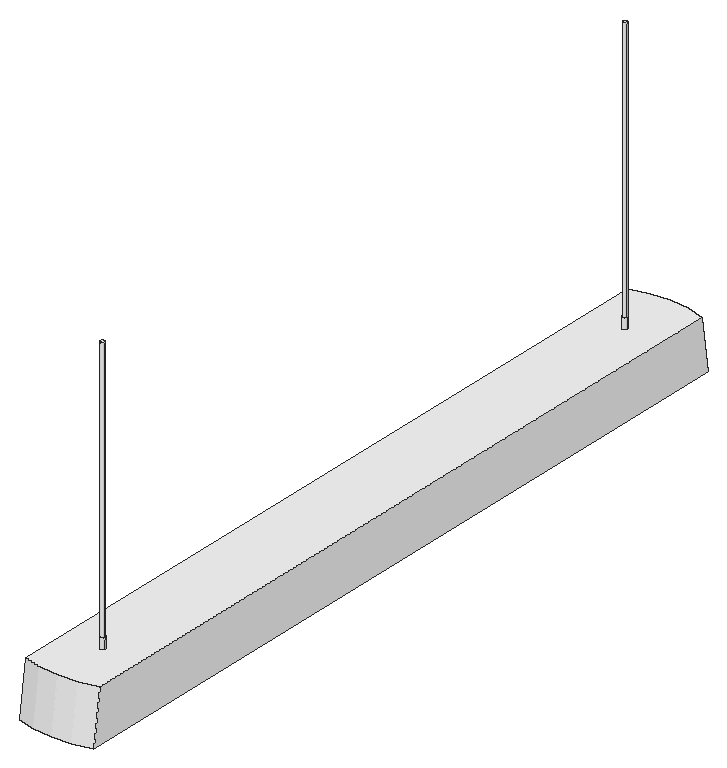
Revit family "Facet II 1200 - ceiling based", category Generic Models, host Ceiling, Revit 2020
Family settings
  Host = Ceiling
  Can host rebar = No
  Round Connector Dimension = Use Diameter
  Part Type = Normal
  OmniClass Number = 23.80.70.00
  OmniClass Title = Lighting
  Always vertical = Yes
  Cut with Voids When Loaded = No
  Shared = No
  Room Calculation Point = No
Parameters
  URL = "https://www.sg-as.com/products/facet-ii"
  Model = "Facet II 1200"
  Manufacturer = "Sg Armaturen"
  Description = "Facet II 1200"
  Default Elevation = 0 mm
Reference planes
  plane 1 "Center (Front/Back)": y = 0
  plane 2 "Ceiling": z = 2438.4
  plane 3 "Center (Left/Right)": x = 0
Dimensions and locks
  equal spacing: host sketch curve, plane 3 "Center (Left/Right)", host sketch curve
  equal spacing: host sketch curve, plane 1 "Center (Front/Back)", host sketch curve
  host sketch curve to host sketch curve = 3048 mm  (x2)
  aligned and locked: plane 1 "Center (Front/Back)" to nested 1
  aligned and locked: host ceiling to nested 1
  aligned and locked: nested 1 to plane 3 "Center (Left/Right)"
Nested families
  nested 1: "Facet II 1200 - Generic" at (0, 0, 1938.4), type "Facet II 1200 Asymmetric"
Definition of nested family "Facet II 1200 - Generic"
  Parameters (values of type "Facet II 1200 DI")
    Wattage = 25 W
    WarrantyGuarantorParts = "n/a"
    WarrantyDurationParts = "n/a"
    WarrantyDescription = "n/a"
    built-in parameter 1150110 = 1 (stored number, unit not read)
    Void Thickness = if(Void, -5 mm, 5 mm)  # -5 mm
    Void = yes
    Version = "v.1.0"
    Uniclass2 = "Pr_70_70_49_43 Light-Emitting Diode (LED) Luminaires"
    Uniclass 1.4 = "JY73"
    TotalWattage = "Max. 27W / 37W"
    built-in parameter 1114217 = 1 (stored number, unit not read)
    Tilt Angle = 90.00°
    built-in parameter 1150109 = 1 (stored number, unit not read)
    built-in parameter 1150134 = 12
    TagNumber = "n/a"
    SustainabilityPerformance = "n/a"
    Suspended Distance = 420 mm
    built-in parameter 1150113 = 1 (stored number, unit not read)
    SupplyCircuitConductorConnections = "n/a"
    Size = "112 x 1196 x 80 mm"
    Shape = "Rectangle"
    ProductInformation = "http://riegens.com/facet-ii"
    PhotometricPerformance = "In accordance with BS EN 13032-1"
    Photometric Web File = "Facet II 1200 DI 25W 4000K Lens C.ies"
    PhaseReference = "IEC recommendations"
    Optic = "Direct: Prismatic optic, Indirect: Clear PC."
    NominalVoltage = "220-240V"
    ModelReference = "Facet II 1200 DI"
    Material = "Steel, Lens optic from PMMA and PC."
    ManufacturersSpecificInformation = "n/a"
    ManufacturerURL = "www.riegens.com"
    Manufacturer = "Riegens A/S"
    built-in parameter 1150105 = 254.65 (stored number, unit not read)
    Lumens = 3200 lm
    LuminaireType = "Direct/Indirect LED Luminaire"
    LuminairePowerFactor = ">0,9"
    built-in parameter 1150115 = 1 (stored number, unit not read)
    LightSource = "LED 3000K / 4000K"
    LightFixturePlacingType = "Ceiling"
    LightFixtureMountingType = "Suspended"
    built-in parameter 1150137 = (empty or 0)
    built-in parameter 1150139 = (empty or 0)
    LampType = "LED"
    LampRating = "25W / 35W"
    LampColourRenderingIndex = "Ra>80"
    built-in parameter 1150112 = 1 (stored number, unit not read)
    built-in parameter 1150114 = 1 (stored number, unit not read)
    InternalFuse = "Only required in emergency versions"
    InsulationStandardClass = "Class 1"
    built-in parameter 1150132 = (empty or 0)
    built-in parameter 1150102 = (empty or 0)
    built-in parameter 1150107 = 4000 (stored number, unit not read)
    built-in parameter 1150138 = (empty or 0)
    built-in parameter 1150106 = 2.5465 (stored number, unit not read)
    IfcExportType = "NOTDEFINED"
    IfcExportAs = "IfcLightFixtureType"
    IP_Code = "IP20"
    Height 1 = 80 mm
    HasProtectiveEarth = "TRUE"
    Grade = "n/a"
    Glass Width = 1140 mm
    Glass Depth = 100 mm
    Glass = none
    Frame Width = 1196 mm
    Frame Depth = 112 mm
    Frame = none
    Fixing point Suspended = 1000 mm
    Finish = "Powder coated"
    Features = "n/a"
    built-in parameter 1150104 = 11.892 (stored number, unit not read)
    Documentation = "See URL hyperlink"
    DocumentReference = "See URL hyperlink"
    Dimming Lamp Color Temperature Shift = (empty or 0)
    Description = "70-80-35 General Lighting Systems"
    Default Elevation = 0 mm
    ControlGearPosition = "Integrated "
    Constituents = "n/a"
    Colour = "White"
    Color Filter = 16777215
    CodePerformance = "n/a"
    Cassette Width = 560 mm
    Cassette Depth = 0 mm
    CCSTopnode = "L"
    CCSClassName = "Belysningsarmatur"
    CCSClassCode = "UAC"
    BarCode = "n/a"
    BallastsCELMAEnergyEfficiencyIndex = "Class A1/A2"
    built-in parameter 1114218 = 1 (stored number, unit not read)
    BSAB 96 = "SNB.2"
    BIMObjectName = "Facet II 1200 DI.rfa"
    Author = "3dbyggeri"
    built-in parameter 1150133 = 10 (stored number, unit not read)
    AssetType = "Moveable/Fixed"
    AssetIdentifier = "n/a"
    ArticleNumber = "See URL hyperlink"
    AccessibilityPerformance = "n/a"
  Types (4, lengths in mm): name | Wattage | Void Thickness | Void | TotalWattage | Suspended Distance | Size | Photometric Web File | ModelReference | built-in parameter 1150105 | Lumens | LuminaireType | LampRating | built-in parameter 1150106 | Glass Width | Glass Depth | Frame Width | Fixing point Suspended | built-in parameter 1150104 | BIMObjectName
    (no name) | 25 W | -5 | yes | "Max. 27W / 37W" | 420 | "112 x 1196 x 80 mm" | "Facet II 1200 DI 25W 4000K Lens C.ies" | "Facet II 1200 DI" | 254.65 (stored number, unit not read) | 3200 lm | "Direct/Indirect LED Luminaire" | "25W / 35W" | 2.5465 (stored number, unit not read) | 1140 | 100 | 1196 | 1000 | 11.892 (stored number, unit not read) | "Facet II 1200 DI.rfa"
    Facet II 1200 Asymmetric | 21 W | 5 | no | "Max. 23W" | 420 | "112 x 1196 x 80 mm" | "Facet II 1200 DA 21W 4000K.ies" | "Facet II 1200 Asymmetric" | 167.11 (stored number, unit not read) | 2100 lm | "Direct Asymmetric LED Luminaire" | "21W" | 1.6711 (stored number, unit not read) | 1108 | 65 | 1196 | 1000 | 9.2903 (stored number, unit not read) | "Facet II 1200 Asymmetric.rfa"
    Facet II 1700 DI | 56 W | -5 | yes | "Max. 58W" | 250 | "112 x 1756 x 80 mm" | "Facet II 1700 DI 56W 4000K Lens C.ies" | "Facet II 1700 DI" | 570.41 (stored number, unit not read) | 7168 lm | "Direct/Indirect LED Luminaire" | "56W" | 5.7041 (stored number, unit not read) | 1700 | 100 | 1756 | 1600 | 11.892 (stored number, unit not read) | "Facet II 1700 DI.rfa"
    Facet II 1200 DI | 25 W | -5 | yes | "Max. 27W / 37W" | 420 | "112 x 1196 x 80 mm" | "Facet II 1200 DI 25W 4000K Lens C.ies" | "Facet II 1200 DI" | 254.65 (stored number, unit not read) | 3200 lm | "Direct/Indirect LED Luminaire" | "25W / 35W" | 2.5465 (stored number, unit not read) | 1140 | 100 | 1196 | 1000 | 11.892 (stored number, unit not read) | "Facet II 1200 DI.rfa"
  Reference planes
    plane 1 "Center (Front/Back)": y = 0
    plane 2: z = 0
    plane 3 "Center (Left/Right)": x = 0
    plane 4: y = 576.295
    plane 5: y = -576.295
    plane 6: x = -56
    plane 7: x = 56
    plane 8: y = 598
    plane 9: y = -598
    plane 10: y = 570
    plane 11: y = -570
    plane 12: x = 50
    plane 13: x = -50
    plane 14: y = 500
    plane 15: y = -500
    plane 16: y = 280
    plane 17: y = -280
    plane 18: z = 80
    plane 19: z = 155
    plane 20: z = 95
    plane 21: z = 500
  Forms (mm)
    Extrusion 1, solid, material <- "Frame"
      sketch origin (0, 0, 0) x (1, 0, 0) y (0, 1, 0)
        loop
          line (56, -576.295) -> (56, 576.295) -> (-56, 576.295) -> (-56, -576.295) -> (56, -576.295)
      from 0 to 80
    Blend 2, solid, material <- "Frame"
      base sketch origin (0, 0.095, 0) x (1, 0, 0) y (0, 1, 0)
        loop
          line (56, 576.2) -> (56, 587.7)
          arc (56, 587.7) -> (0, 597.898) -> (-56, 587.7) r 158.849
          line (-56, 587.7) -> (-56, 576.2) -> (56, 576.2)
      top sketch origin (0, 0.095, 0) x (1, 0, 0) y (0, 1, 0)
        loop
          line (-56, 576.2) -> (56, 576.2)
          arc (56, 576.2) -> (0, 586.398) -> (-56, 576.2) r 158.849
      from 0 to 80
    Extrusion 3, solid, material <- "Glass"
      sketch origin (0, 0, 0) x (1, 0, 0) y (0, 1, 0)
        loop
          line (-50, 570) -> (-50, -570) -> (50, -570) -> (50, 570) -> (-50, 570)
      from 0 to 2
    Extrusion 4, solid, material <- "Frame"
      sketch origin (0, 0, 0) x (1, 0, 0) y (0, 1, 0)
        loop
          circle (0, 500) r 4
      from 80 to 95
    Extrusion 5, solid, material <- "Frame"
      sketch origin (0, 0, 0) x (1, 0, 0) y (0, 1, 0)
        loop
          circle (0, -500) r 4
      from 80 to 95
    Extrusion 6, void
      sketch origin (0, 0, 0) x (1, 0, 0) y (0, 1, 0)
        loop
          line (-50, 570) -> (-50, -570) -> (50, -570) -> (50, 570) -> (-50, 570)
      from 0 to 2
    Blend 7, solid, material <- "Frame"
      base sketch origin (0, 0, 0) x (1, 0, 0) y (0, 1, 0)
        loop
          line (56, -576.295) -> (-56, -576.295) -> (-56, -587.795)
          arc (-56, -587.795) -> (0, -597.994) -> (56, -587.795) r 158.849
          line (56, -587.795) -> (56, -576.295)
      top sketch origin (0, 0, 0) x (1, 0, 0) y (0, 1, 0)
        loop
          arc (-56, -576.295) -> (0, -586.494) -> (56, -576.295) r 158.849
          line (56, -576.295) -> (-56, -576.295)
      from 0 to 80
    Extrusion 8, void
      sketch origin (0, 0, 80) x (1, 0, 0) y (0, 1, 0)
        loop
          line (-16.028, 280) -> (-16.028, -280) -> (18.972, -280) -> (18.972, 280) -> (-16.028, 280)
      from 0 to -5 <- "Void Thickness"
    Extrusion 9, solid, material <- "Frame"
      sketch origin (0, 0, 0) x (1, 0, 0) y (0, 1, 0)
        loop
          circle (0, 500) r 3
        loop
          circle (0, -500) r 3
      from 95 to 500
  Cuts and joins
    Extrusion 6, Extrusion 8 cuts Extrusion 1
    joined: Extrusion 1, Blend 2, Blend 7
  Dimensions and locks
    equal spacing: plane 6, plane 3 "Center (Left/Right)", plane 7
    "Frame Depth": plane 6 to plane 7
    "Glass Depth": plane 13 to plane 12
    "Glass Width": plane 10 to plane 11
    "Frame Width": plane 8 to plane 9
    "Cassette Width": plane 16 to plane 17
    locked: plane 8 to plane 4 at 21.705
    locked: plane 9 to plane 5 at 21.705
    equal spacing: plane 13, plane 3 "Center (Left/Right)", plane 12
    equal spacing: plane 16, plane 1 "Center (Front/Back)", plane 17
    equal spacing: plane 10, plane 1 "Center (Front/Back)", plane 11
    equal spacing: plane 8, plane 1 "Center (Front/Back)", plane 9
    plane 19 to plane 20 = 60 mm
    locked: plane 20 to plane 18 at 15
    "Height 1": plane 18 to plane 2
    "Suspended Distance": plane 21 to plane 18
    equal spacing: plane 15, plane 1 "Center (Front/Back)", plane 14
    "Fixing point Suspended": plane 15 to plane 14
    aligned and locked: plane 2 to level
    aligned and locked: plane 5 to Extrusion 1
    aligned and locked: plane 4 to Extrusion 1
    aligned and locked: Blend 2 to plane 4  (x2)
    aligned and locked: Blend 7 to Extrusion 1
    aligned and locked: plane 10 to Extrusion 6
    aligned and locked: plane 10 to Extrusion 3
    aligned and locked: Extrusion 6 to plane 11  (x2)
    aligned and locked: Extrusion 6 to plane 12
    aligned and locked: Extrusion 3 to plane 12
    aligned and locked: plane 13 to Extrusion 6
    aligned and locked: plane 13 to Extrusion 3
    aligned and locked: plane 15 to Extrusion 5 sketch curve
    aligned and locked: plane 14 to Extrusion 4 sketch curve
    aligned and locked: plane 18 to cut or joined group of Extrusion 1, Blend 2, Extrusion 6, Blend 7, Extrusion 8  (x3)
    aligned and locked: plane 20 to Extrusion 5
    aligned and locked: Extrusion 4 to plane 18
    aligned and locked: plane 20 to Extrusion 4
    aligned and locked: plane 16 to Extrusion 8
    aligned and locked: Extrusion 8 to plane 17
    aligned and locked: imposter light to plane 1 "Center (Front/Back)"
    aligned and locked: plane 3 "Center (Left/Right)" to imposter light
    aligned and locked: plane 2 to imposter light
    aligned and locked: plane 3 "Center (Left/Right)" to Extrusion 9 sketch curve  (x2)
    aligned and locked: plane 14 to Extrusion 9 sketch curve
    aligned and locked: plane 15 to Extrusion 9 sketch curve
    aligned and locked: Extrusion 9 to plane 20
    aligned and locked: plane 21 to Extrusion 9
    aligned and locked: Extrusion 5 to plane 18
  Automatic sketch dimensions
    Extrusion 4 sketch curve to plane 3 "Center (Left/Right)" = 0 mm
    Extrusion 5 sketch curve to plane 3 "Center (Left/Right)" = 0 mm
    plane 5 to Extrusion 1 sketch curve = 0 mm
    Extrusion 1 sketch curve to plane 6 = 0 mm
    Extrusion 1 sketch curve to plane 4 = 0 mm
    Extrusion 1 sketch curve to plane 7 = 0 mm
    Blend 2 sketch curve to plane 4 = 0 mm  (x2)
    Blend 2 sketch curve to plane 6 = 0 mm  (x2)
    Blend 2 sketch curve to plane 3 "Center (Left/Right)" = 0 mm  (x2)
    Blend 2 sketch curve to plane 7 = 0 mm
    Blend 2 sketch curve to plane 14 = 60.855 mm
    Blend 2 sketch curve to plane 8 = 10.205 mm
    Blend 2 sketch curve to plane 14 = 72.355 mm
    Extrusion 3 sketch curve to plane 11 = 0 mm
    Extrusion 3 sketch curve to plane 13 = 0 mm
    Extrusion 3 sketch curve to plane 12 = 0 mm
    Extrusion 3 sketch curve to plane 10 = 0 mm
    Extrusion 6 sketch curve to plane 11 = 0 mm
    Extrusion 6 sketch curve to plane 13 = 0 mm
    Extrusion 6 sketch curve to plane 12 = 0 mm
    Extrusion 6 sketch curve to plane 10 = 0 mm
    plane 5 to Blend 7 sketch curve = 0 mm  (x2)
    Blend 7 sketch curve to plane 6 = 0 mm  (x2)
    Blend 7 sketch curve to plane 3 "Center (Left/Right)" = 0 mm  (x2)
    Blend 7 sketch curve to plane 7 = 0 mm
    plane 15 to Blend 7 sketch curve = 60.855 mm
    Blend 7 sketch curve to plane 9 = 10.205 mm
    plane 15 to Blend 7 sketch curve = 72.355 mm
    Extrusion 8 sketch curve to Extrusion 1 = 39.972 mm
    Extrusion 8 sketch curve to Extrusion 8 sketch curve = 35 mm
    Extrusion 8 sketch curve to Extrusion 1 = 296.295 mm  (x2)
    radius of Extrusion 4 sketch curve = 4 mm
    radius of Extrusion 5 sketch curve = 4 mm
    radius of Extrusion 9 sketch curve = 3 mm  (x2)
  Connectors
    electrical at (0, 0, 80)
      settings: on cut or joined group of Extrusion 1, Blend 2, Extrusion 6, Blend 7, Extrusion 8, index 1, voltage 0 V, apparent load 0 VA, apparent load phase1 0 VA, apparent load phase2 0 VA, apparent load phase3 0 VA, power factor 1, load classification none, number of poles 1, system type 31, power factor state 1, is connector primary yes, connector utility no, sub classification motor no, connector description ""
